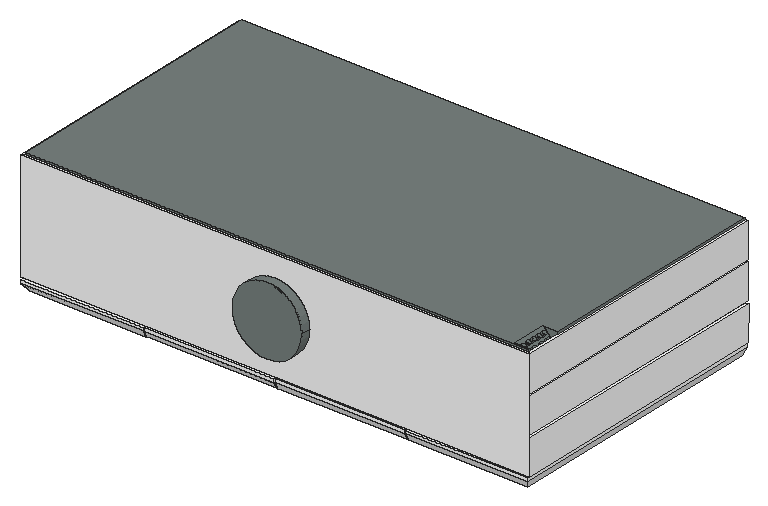
Revit family "AM 1000 HH DIB", category Mechanical Equipment, Revit 2019
Family settings
  Round Connector Dimension = Use Diameter
  Part Type = Normal
  OmniClass Number = 23.75.00.00
  OmniClass Title = Climate Control (HVAC)
  Work Plane-Based = No
  Always vertical = Yes
  Cut with Voids When Loaded = No
  Shared = No
  Room Calculation Point = No
Parameters
  Weight (Standard Unit) = 301.5  # constant formula
  Water heating surface in = "1/2\" (DN 15)"
  Water heating surface Return = "1/2\" (DN 15)"
  Water Heater Surface Return = 15 mm  # constant formula
  Water Heater Surface IN = 15 mm  # constant formula
  URL = "www.airmaster-as.com"
  Total Width = 2325 mm  # constant formula
  Total Hight = 560 mm  # constant formula
  Top Panel [instance] = yes
  T-C Duct Exhaust = 258 mm  # constant formula
  T-C Duct Supply = 258 mm  # constant formula
  Suply Air In = 315 mm  # constant formula
  R-C Duct Exhaust = 237 mm  # constant formula
  Phase 1 - Max Power Consumption = "4105 W"
  Phase 1 - Max Current = "19 A"
  Nominal current, electrical preheating surface = "10 A"
  Nominal current, electrical comfort heating surface = "6,5 A"
  Nominal current, air handling unit = "2,2 A"
  Network Conection = "AWG 24 CAT 5e STP"
  Model = "AM 1000 HHDIB"
  Middel Panel [instance] = yes
  Max. flow rate 35 dB(A) with ePM10 80% filters = 998.00 m³  # constant formula
  Max. flow rate 35 dB(A) with ePM10 55% filters = 1025.00 m³  # constant formula
  Max. flow rate 35 dB(A) with ePM10 50% filters = 1050.00 m³  # constant formula
  Max. flow rate 30 dB(A) with ePM10 80% filters = 903.00 m³  # constant formula
  Max. flow rate 30 dB(A) with ePM10 55% filters = 926.00 m³  # constant formula
  Max. flow rate 30 dB(A) with ePM10 50% filters = 950.00 m³  # constant formula
  Manufacturer = "Airmaster A/S"
  Maintenance [instance] = no
  L-C Duct ESupply = 317 mm  # constant formula
  Exhaust Air = 315 mm  # constant formula
  Total Depth = 1248 mm  # constant formula
  Electrical connection = "1  ~ 230V+N+PE / 3 ~ 230/400V+N+PE/ 50 Hz"
  Drawn By = "LSB"
  Data Sheet = "https://www.airmaster-as.com/media/dd4ftkqw/14174_ds_am1000_en_rev01.pdf"
  Condensate conector = "Ø6/9 mm"
  Condensate = 9 mm  # constant formula
  Buttom Panel [instance] = yes
  BMS Panel = "(PTS) 2x2x0,6"
  BMS Out = "(PTS) 2x2x0,6"
  BMS IN = "(PTS) 2x2x0,6"
  Airflow area [instance] = no
  Air flow area [instance] = Airflow
Reference planes
  plane 1 "Center (Front/Back)": y = 0
  plane 2: z = 0
  plane 3 "Center (Left/Right)": x = 0
  plane 4 "Center L/S": y = -1248
  plane 5 "Center L/T": x = -1162.5
  plane 6 "Center L/U": x = 1162.5
  plane 7 "TOP": z = 560
  plane 8 "Center L/V": x = -1147.5
  plane 9 "Center L/W": y = -1233
  plane 10 "Center L/X": x = 1147.5
  plane 11 "Panel Buttom": z = 44.5
  plane 12 "Panel Top": z = 212.5
  plane 13 "Hatch": z = 14.5
  plane 14 "Center L/Z": z = 222.5
  plane 15 "Center L/AA": z = 382.5
  plane 16 "Center L/BB": z = 392.5
  plane 17 "Center L/CC": z = 552.5
  plane 18 "Center L/DD": z = 52.35
  plane 19 "Center L/EE": z = 411.6
  plane 20: x = 1077.714
  plane 21: y = -1065.25
Forms (mm)
  Extrusion 1, solid, material "AM Grey"
    sketch origin (0, 0, 0) x (1, 0, 0) y (0, 1, 0)
      loop
        line (-1147.5, 0) -> (-1147.5, -1233) -> (1147.5, -1233) -> (1147.5, 0) -> (-1147.5, 0)
    from 44.5 to 560
  Blend 2, solid, material "AM White"
    base sketch origin (-790.646, -1524, 14.5) x (0, -1, 0) y (1, 0, 0)
      loop
        line (-276, -364.887) -> (-276, 1946.157) -> (-1524, 1946.157) -> (-1524, -364.887) -> (-276, -364.887)
    top sketch origin (-790.646, -1524, 14.5) x (0, -1, 0) y (1, 0, 0)
      loop
        line (-291, -337.182) -> (-291, 1935.146) -> (-1512, 1935.146) -> (-1512, -337.182) -> (-291, -337.182)
    from 14.086 to -14.5
  Extrusion 3, solid, material "AM Grey"
    sketch origin (-1147.5, 0, 0) x (1, 0, 0) y (0, 0, -1)
      loop
        circle (2073, -302) r 157.5
    from 0 to 9.75
  Extrusion 4, solid, material "AM Grey"
    sketch origin (-785, 0, 0) x (1, 0, 0) y (0, 0, -1)
      loop
        circle (-60.5, -302) r 157.5
    from 0 to 9.75
  Extrusion 5, solid, material "Maintenece", visible <- "Maintenance"
    sketch origin (-790.646, -1524, 0) x (1, 0, 0) y (0, -1, 0)
      loop
        line (-355.498, -1524) -> (1953.146, -1524) -> (1953.146, -276) -> (-355.498, -276) -> (-355.498, -1524)
    from 0 to 1200
  Extrusion 6, void
    sketch origin (1162.5, -1248, 44.5) x (1, 0, 0) y (0, 0, -1)
      loop
        line (-561, 44.65) -> (-570.2, 44.65)
        arc (-570.2, 44.65) -> (-568.786, 44.064) -> (-568.2, 42.65) r 2
        line (-568.2, 42.65) -> (-568.2, -7.85) -> (-563, -7.85) -> (-563, 42.65)
        arc (-563, 42.65) -> (-562.414, 44.064) -> (-561, 44.65) r 2
      loop
        line (-1157.2, 44.65) -> (-1166.4, 44.65)
        arc (-1166.4, 44.65) -> (-1164.986, 44.064) -> (-1164.4, 42.65) r 2
        line (-1164.4, 42.65) -> (-1164.4, -7.85) -> (-1159.2, -7.85) -> (-1159.2, 42.65)
        arc (-1159.2, 42.65) -> (-1158.614, 44.064) -> (-1157.2, 44.65) r 2
      loop
        line (-1754.3, 44.65) -> (-1763.5, 44.65)
        arc (-1763.5, 44.65) -> (-1762.086, 44.064) -> (-1761.5, 42.65) r 2
        line (-1761.5, 42.65) -> (-1761.5, -7.85) -> (-1756.3, -7.85) -> (-1756.3, 42.65)
        arc (-1756.3, 42.65) -> (-1755.714, 44.064) -> (-1754.3, 44.65) r 2
    from 0 to 1281
  Extrusion 7, solid, material "AM White"
    sketch origin (0, 0, 44.5) x (0, 1, 0) y (1, 0, 0)
      loop
        line (-1248, -1157) -> (0, -1157) -> (0, 1155.511) -> (-1248, 1155.511) -> (-1248, -1157)
    from 0 to 15.914
  Extrusion 8, solid, material "AM White", visible <- "Middel Panel"
    sketch origin (794.5, -1524, 214.5) x (0, -1, 0) y (-1, 0, 0)
      loop
        line (-1524, 1957) -> (-1524, 1942) -> (-293.318, 1942) -> (-278.318, 1957) -> (-1524, 1957)
      loop
        line (-1524, -368) -> (-278.318, -368) -> (-293.318, -353) -> (-1524, -353) -> (-1524, -368)
    from -7.85 to -168
  Extrusion 9, solid
    sketch origin (1147.5, -1256.441, -6.992) x (0, 1, 0) y (0, 0, 1)
      loop
        arc (1222.716, 528.556) -> (1233.368, 538.673) -> (1222.441, 548.492) r 10
        arc (1222.441, 548.492) -> (1213.37, 538.397) -> (1222.716, 528.556) r 10
    from 0 to 14
  Extrusion 10, solid
    sketch origin (1147.5, -1256.441, -6.992) x (0, 1, 0) y (0, 0, 1)
      loop
        arc (1200.869, 545.503) -> (1201.138, 537.541) -> (1202.323, 545.419) r 4
        arc (1202.323, 545.419) -> (1201.6, 545.528) -> (1200.869, 545.503) r 4
    from 0 to 14
  Extrusion 11, solid
    sketch origin (1147.5, -1256.441, -6.992) x (0, 1, 0) y (0, 0, 1)
      loop
        arc (1222.716, 498.556) -> (1233.368, 508.673) -> (1222.441, 518.492) r 10
        arc (1222.441, 518.492) -> (1213.37, 508.397) -> (1222.716, 498.556) r 10
    from 0 to 14
  Extrusion 12, solid
    sketch origin (1147.5, -1256.441, -6.992) x (0, 1, 0) y (0, 0, 1)
      loop
        arc (1200.869, 531.503) -> (1201.138, 523.541) -> (1202.323, 531.419) r 4
        arc (1202.323, 531.419) -> (1201.6, 531.528) -> (1200.869, 531.503) r 4
    from 0 to 14
  Extrusion 13, solid
    sketch origin (1147.5, -1256.441, -6.992) x (0, 1, 0) y (0, 0, 1)
      loop
        arc (1200.869, 517.503) -> (1201.138, 509.541) -> (1202.323, 517.419) r 4
        arc (1202.323, 517.419) -> (1201.6, 517.528) -> (1200.869, 517.503) r 4
    from 0 to 14
  Extrusion 14, solid
    sketch origin (1147.5, -1256.441, -6.992) x (0, 1, 0) y (0, 0, 1)
      loop
        arc (1200.869, 503.503) -> (1201.138, 495.541) -> (1202.323, 503.419) r 4
        arc (1202.323, 503.419) -> (1201.6, 503.528) -> (1200.869, 503.503) r 4
    from 0 to 14
  Extrusion 15, solid
    sketch origin (1147.5, -1256.441, -6.992) x (0, 1, 0) y (0, 0, 1)
      loop
        arc (1200.869, 489.503) -> (1201.138, 481.541) -> (1202.323, 489.419) r 4
        arc (1202.323, 489.419) -> (1201.6, 489.528) -> (1200.869, 489.503) r 4
    from 0 to 14
  Extrusion 16, solid
    sketch origin (1147.5, -1256.441, -6.992) x (0, 1, 0) y (0, 0, 1)
      loop
        arc (1200.869, 475.503) -> (1201.138, 467.541) -> (1202.323, 475.419) r 4
        arc (1202.323, 475.419) -> (1201.6, 475.528) -> (1200.869, 475.503) r 4
    from 0 to 14
  Extrusion 17, solid
    sketch origin (1147.5, -1256.441, -6.992) x (0, 1, 0) y (0, 0, 1)
      loop
        arc (1200.869, 461.503) -> (1201.138, 453.541) -> (1202.323, 461.419) r 4
        arc (1202.323, 461.419) -> (1201.6, 461.528) -> (1200.869, 461.503) r 4
    from 0 to 14
  Extrusion 18, solid
    sketch origin (1147.5, -1256.441, -6.992) x (0, 1, 0) y (0, 0, 1)
      loop
        arc (1200.869, 447.503) -> (1201.138, 439.541) -> (1202.323, 447.419) r 4
        arc (1202.323, 447.419) -> (1201.6, 447.528) -> (1200.869, 447.503) r 4
    from 0 to 14
  Extrusion 19, solid
    sketch origin (1147.5, -1256.441, -6.992) x (0, 1, 0) y (0, 0, 1)
      loop
        arc (1200.869, 433.503) -> (1201.138, 425.541) -> (1202.323, 433.419) r 4
        arc (1202.323, 433.419) -> (1201.6, 433.528) -> (1200.869, 433.503) r 4
    from 0 to 14
  Extrusion 20, solid
    sketch origin (1147.5, -1256.441, -6.992) x (0, 1, 0) y (0, 0, 1)
      loop
        arc (1200.869, 419.503) -> (1201.138, 411.541) -> (1202.323, 419.419) r 4
        arc (1202.323, 419.419) -> (1201.6, 419.528) -> (1200.869, 419.503) r 4
    from 0 to 14
  Extrusion 21, solid
    sketch origin (1147.5, -1256.441, -6.992) x (0, 1, 0) y (0, 0, 1)
      loop
        arc (1222.716, 468.556) -> (1233.368, 478.673) -> (1222.441, 488.492) r 10
        arc (1222.441, 488.492) -> (1213.37, 478.397) -> (1222.716, 468.556) r 10
    from 0 to 14
  Extrusion 22, solid
    sketch origin (1147.5, -1256.441, -6.992) x (0, 1, 0) y (0, 0, 1)
      loop
        arc (1222.716, 438.556) -> (1233.368, 448.673) -> (1222.441, 458.492) r 10
        arc (1222.441, 458.492) -> (1213.37, 448.397) -> (1222.716, 438.556) r 10
    from 0 to 14
  Extrusion 23, solid
    sketch origin (1147.5, -1256.441, -6.992) x (0, 1, 0) y (0, 0, 1)
      loop
        arc (1222.716, 408.556) -> (1233.368, 418.673) -> (1222.441, 428.492) r 10
        arc (1222.441, 428.492) -> (1213.37, 418.397) -> (1222.716, 408.556) r 10
    from 0 to 14
  Extrusion 24, void
    sketch origin (1147.5, -1233, 0) x (1, 0, 0) y (0, 0, -1)
      loop
        line (-69.786, -560) -> (0, -560) -> (0, -490.214) -> (-69.786, -560)
    from 5 to 167.75
  Extrusion 25, solid, material "AM Grey"
    sketch origin (1077.714, -1240.497, 560) x (0.707107, 0, -0.707107) y (0, 1, 0)
      loop
        circle (55.785, 29.963) r 10
    from 0 to 15
  Extrusion 26, solid, material "AM Grey"
    sketch origin (1077.714, -4445.497, 560) x (0.707107, 0, -0.707107) y (0, 1, 0)
      loop
        circle (25.193, 3235.104) r 8
    from 0 to 15
  Extrusion 27, solid, material "AM Grey"
    sketch origin (1077.714, -4415.497, 560) x (0.707107, 0, -0.707107) y (0, 1, 0)
      loop
        circle (25.193, 3235.104) r 8
    from 0 to 15
  Extrusion 28, solid, material "AM Grey"
    sketch origin (1077.714, -4385.497, 560) x (0.707107, 0, -0.707107) y (0, 1, 0)
      loop
        circle (25.193, 3235.104) r 8
    from 0 to 15
  Extrusion 29, solid, material "AM Grey"
    sketch origin (1077.714, -4355.497, 560) x (0.707107, 0, -0.707107) y (0, 1, 0)
      loop
        circle (25.193, 3235.104) r 8
    from 0 to 15
  Extrusion 30, solid, material "AM Grey"
    sketch origin (1077.714, -4325.497, 560) x (0.707107, 0, -0.707107) y (0, 1, 0)
      loop
        circle (25.193, 3235.104) r 8
    from 0 to 15
  Extrusion 31, solid, material "AM Grey"
    sketch origin (1077.714, -1201.186, 560) x (0.707107, 0, -0.707107) y (0, 1, 0)
      loop
        circle (55.785, 29.963) r 10
    from 0 to 15
  Extrusion 32, solid, material "AM Grey"
    sketch origin (1077.714, -1159.936, 560) x (0.707107, 0, -0.707107) y (0, 1, 0)
      loop
        circle (55.785, 29.963) r 10
    from 0 to 15
  Extrusion 33, solid, material "AM Grey"
    sketch origin (1077.714, -1120.561, 560) x (0.707107, 0, -0.707107) y (0, 1, 0)
      loop
        circle (55.785, 29.963) r 10
    from 0 to 15
  Extrusion 34, solid, material "AM Grey"
    sketch origin (-1147.5, -1233, 0) x (0, 1, 0) y (0, 0, -1)
      loop
        line (1232.629, -484.5) -> (1232.629, -460.5) -> (1225.161, -460.5) -> (1208.129, -460.5)
        arc (1208.129, -460.5) -> (1196.129, -472.5) -> (1208.129, -484.5) r 12
        line (1208.129, -484.5) -> (1224.336, -484.5) -> (1232.629, -484.5)
    from 0 to 14
  Extrusion 35, solid, material "AM Grey"
    sketch origin (-1147.5, -1233, -44.5) x (0, 1, 0) y (0, 0, -1)
      loop
        line (1232.629, -484.5) -> (1232.629, -460.5) -> (1225.161, -460.5) -> (1208.129, -460.5)
        arc (1208.129, -460.5) -> (1196.129, -472.5) -> (1208.129, -484.5) r 12
        line (1208.129, -484.5) -> (1224.336, -484.5) -> (1232.629, -484.5)
    from 0 to 14
  Extrusion 36, solid, material "AM White"
    sketch origin (794.5, -1524, 44.5) x (0, -1, 0) y (-1, 0, 0)
      loop
        line (-276, -365.7) -> (-276, 1954.706) -> (-291, 1939.706) -> (-291, -350.7) -> (-276, -365.7)
    from -7.85 to -508
  Extrusion 37, solid, material "AM White", visible <- "Top Panel"
    sketch origin (794.5, -1524, 384.5) x (0, -1, 0) y (-1, 0, 0)
      loop
        line (-1524, 1957) -> (-1524, 1942) -> (-293.318, 1942) -> (-278.318, 1957) -> (-1524, 1957)
      loop
        line (-1524, -368) -> (-278.318, -368) -> (-293.318, -353) -> (-1524, -353) -> (-1524, -368)
    from -7.85 to -168
  Extrusion 38, solid, material "AM White", visible <- "Buttom Panel"
    sketch origin (794.5, -1524, 44.5) x (0, -1, 0) y (-1, 0, 0)
      loop
        line (-1524, 1957) -> (-1524, 1942) -> (-293.318, 1942) -> (-278.318, 1957) -> (-1524, 1957)
      loop
        line (-1524, -368) -> (-278.318, -368) -> (-293.318, -353) -> (-1524, -353) -> (-1524, -368)
    from -7.85 to -168
  Extrusion 39, solid, material "AM Grey"
    sketch origin (1162.5, -1248, 214.5) x (-1, 0, 0) y (0, 0, -1)
      loop
        circle (1162, -87.5) r 157.5
    from 0 to 45
  Extrusion 40, solid, material "Airflow" <- "Air flow area", visible <- "Airflow area"
    sketch origin (-790.646, -1524, -340) x (1, 0, 0) y (0, -1, 0)
      loop
        line (-371.854, -1524) -> (-371.854, -276) -> (-871.854, -276) -> (-871.854, -1524) -> (-371.854, -1524)
    from -392.5 to -552.5
  Extrusion 41, void
    sketch origin (-1162.5, 0, -295.5) x (0, 1, 0) y (0, 0, 1)
      loop
        line (-411.4, 495.5) -> (-501.4, 495.5) -> (-501.4, 465.5) -> (-411.4, 465.5) -> (-411.4, 495.5)
      loop
        line (-411.4, 460.5) -> (-501.4, 460.5) -> (-501.4, 430.5) -> (-411.4, 430.5) -> (-411.4, 460.5)
      loop
        line (-411.4, 425.5) -> (-501.4, 425.5) -> (-501.4, 395.5) -> (-411.4, 395.5) -> (-411.4, 425.5)
      loop
        line (-411.4, 390.5) -> (-501.4, 390.5) -> (-501.4, 360.5) -> (-411.4, 360.5) -> (-411.4, 390.5)
      loop
        line (-506.4, 495.5) -> (-596.4, 495.5) -> (-596.4, 465.5) -> (-506.4, 465.5) -> (-506.4, 495.5)
      loop
        line (-506.4, 460.5) -> (-596.4, 460.5) -> (-596.4, 430.5) -> (-506.4, 430.5) -> (-506.4, 460.5)
      loop
        line (-506.4, 425.5) -> (-596.4, 425.5) -> (-596.4, 395.5) -> (-506.4, 395.5) -> (-506.4, 425.5)
      loop
        line (-506.4, 390.5) -> (-596.4, 390.5) -> (-596.4, 360.5) -> (-506.4, 360.5) -> (-506.4, 390.5)
      loop
        line (-601.4, 495.5) -> (-691.4, 495.5) -> (-691.4, 465.5) -> (-601.4, 465.5) -> (-601.4, 495.5)
      loop
        line (-601.4, 460.5) -> (-691.4, 460.5) -> (-691.4, 430.5) -> (-601.4, 430.5) -> (-601.4, 460.5)
      loop
        line (-601.4, 425.5) -> (-691.4, 425.5) -> (-691.4, 395.5) -> (-601.4, 395.5) -> (-601.4, 425.5)
      loop
        line (-601.4, 390.5) -> (-691.4, 390.5) -> (-691.4, 360.5) -> (-601.4, 360.5) -> (-601.4, 390.5)
      loop
        line (-696.4, 495.5) -> (-786.4, 495.5) -> (-786.4, 465.5) -> (-696.4, 465.5) -> (-696.4, 495.5)
      loop
        line (-696.4, 460.5) -> (-786.4, 460.5) -> (-786.4, 430.5) -> (-696.4, 430.5) -> (-696.4, 460.5)
      loop
        line (-696.4, 425.5) -> (-786.4, 425.5) -> (-786.4, 395.5) -> (-696.4, 395.5) -> (-696.4, 425.5)
      loop
        line (-696.4, 390.5) -> (-786.4, 390.5) -> (-786.4, 360.5) -> (-696.4, 360.5) -> (-696.4, 390.5)
      loop
        line (-791.4, 495.5) -> (-881.4, 495.5) -> (-881.4, 465.5) -> (-791.4, 465.5) -> (-791.4, 495.5)
      loop
        line (-791.4, 460.5) -> (-881.4, 460.5) -> (-881.4, 430.5) -> (-791.4, 430.5) -> (-791.4, 460.5)
      loop
        line (-791.4, 425.5) -> (-881.4, 425.5) -> (-881.4, 395.5) -> (-791.4, 395.5) -> (-791.4, 425.5)
      loop
        line (-791.4, 390.5) -> (-881.4, 390.5) -> (-881.4, 360.5) -> (-791.4, 360.5) -> (-791.4, 390.5)
      loop
        line (-886.4, 495.5) -> (-976.4, 495.5) -> (-976.4, 465.5) -> (-886.4, 465.5) -> (-886.4, 495.5)
      loop
        line (-886.4, 460.5) -> (-976.4, 460.5) -> (-976.4, 430.5) -> (-886.4, 430.5) -> (-886.4, 460.5)
      loop
        line (-886.4, 425.5) -> (-976.4, 425.5) -> (-976.4, 395.5) -> (-886.4, 395.5) -> (-886.4, 425.5)
      loop
        line (-886.4, 390.5) -> (-976.4, 390.5) -> (-976.4, 360.5) -> (-886.4, 360.5) -> (-886.4, 390.5)
      loop
        line (-981.4, 495.5) -> (-1071.4, 495.5) -> (-1071.4, 465.5) -> (-981.4, 465.5) -> (-981.4, 495.5)
      loop
        line (-981.4, 460.5) -> (-1071.4, 460.5) -> (-1071.4, 430.5) -> (-981.4, 430.5) -> (-981.4, 460.5)
      loop
        line (-981.4, 425.5) -> (-1071.4, 425.5) -> (-1071.4, 395.5) -> (-981.4, 395.5) -> (-981.4, 425.5)
      loop
        line (-981.4, 390.5) -> (-1071.4, 390.5) -> (-1071.4, 360.5) -> (-981.4, 360.5) -> (-981.4, 390.5)
    from 0 to 15
Cuts and joins
  Extrusion 6 cuts Blend 2
  Extrusion 6 cuts Extrusion 7
  Extrusion 24, Extrusion 41 cuts Extrusion 1
  Extrusion 41 cuts Extrusion 37
  Extrusion 41 cuts Extrusion 40
  Extrusion 41 cuts Extrusion 38
Dimensions and locks
  "Total Depth": plane 4 "Center L/S" to plane 1 "Center (Front/Back)"
  equal spacing: plane 5 "Center L/T", plane 3 "Center (Left/Right)", plane 6 "Center L/U"
  "Total Width": plane 5 "Center L/T" to plane 6 "Center L/U"
  "Total Hight": plane 7 "TOP" to level
  locked: plane 10 "Center L/X" to plane 6 "Center L/U" at 15
  locked: plane 4 "Center L/S" to plane 9 "Center L/W" at 15
  locked: plane 5 "Center L/T" to plane 8 "Center L/V" at 15
  "R-C Duct Exhaust": plane 6 "Center L/U" to Extrusion 3 sketch curve
  "T-C Duct Supply": Extrusion 4 sketch curve to plane 7 "TOP"
  "L-C Duct ESupply": Extrusion 4 sketch curve to plane 5 "Center L/T"
  nested 2 to plane 1 "Center (Front/Back)" = 624 mm
  plane 6 "Center L/U" to Extrusion 39 sketch curve = 1162 mm
  plane 7 "TOP" to Extrusion 39 sketch curve = 258 mm
  "Exhaust Air": diameter of Extrusion 3 sketch curve
  "Suply Air In": diameter of Extrusion 4 sketch curve
  "Suply Air In": diameter of Extrusion 39 sketch curve
  aligned and locked: level to plane 2
  aligned and locked: plane 1 "Center (Front/Back)" to Extrusion 1 sketch curve
  aligned and locked: Extrusion 1 sketch curve to plane 8 "Center L/V"
  aligned and locked: Extrusion 1 sketch curve to plane 9 "Center L/W"
  aligned and locked: Extrusion 1 sketch curve to plane 10 "Center L/X"
  aligned and locked: plane 7 "TOP" to Extrusion 1
  aligned and locked: Blend 2 to plane 2
  aligned and locked: Extrusion 1 to plane 11 "Panel Buttom"
  aligned and locked: Extrusion 3 to Extrusion 4
Automatic sketch dimensions
  plane 1 "Center (Front/Back)" to Blend 2 sketch curve = 0 mm
  plane 4 "Center L/S" to Blend 2 sketch curve = 0 mm
  plane 5 "Center L/T" to Blend 2 sketch curve = 6.967 mm
  Blend 2 sketch curve to plane 6 "Center L/U" = 6.989 mm
  Blend 2 sketch curve to plane 9 "Center L/W" = 0 mm
  Blend 2 sketch curve to plane 10 "Center L/X" = 3 mm
  plane 1 "Center (Front/Back)" to Blend 2 sketch curve = 12 mm
  plane 8 "Center L/V" to Blend 2 sketch curve = 19.672 mm
  Extrusion 1 to Extrusion 3 sketch curve = 257.5 mm
  Extrusion 5 sketch curve to Blend 2 = 18.316 mm
  Extrusion 5 sketch curve to Blend 2 = 18 mm
  Extrusion 5 sketch curve to Blend 2 = 15 mm
  Extrusion 5 sketch curve to Blend 2 = 12 mm
  Extrusion 6 sketch curve to plane 18 "Center L/DD" = 0 mm  (x3)
  level to Extrusion 6 sketch curve = 1.85 mm  (x6)
  plane 8 "Center L/V" to Extrusion 6 sketch curve = 546.5 mm
  Extrusion 6 sketch curve to Extrusion 6 sketch curve = 2 mm  (x5)
  Extrusion 6 sketch curve to Extrusion 6 sketch curve = 5.2 mm  (x2)
  Extrusion 6 sketch curve to plane 3 "Center (Left/Right)" = 3.9 mm
  Extrusion 6 sketch curve to plane 3 "Center (Left/Right)" = 1.9 mm
  plane 3 "Center (Left/Right)" to Extrusion 6 sketch curve = 3.3 mm
  Extrusion 6 sketch curve to plane 20 = 485.414 mm
  Extrusion 6 sketch curve to Extrusion 6 sketch curve = 0 mm  (x9)
  Extrusion 1 to Extrusion 7 sketch curve = 0 mm
  Extrusion 7 sketch curve to Extrusion 1 = 15 mm
  Extrusion 7 sketch curve to Extrusion 1 = 8.011 mm
  Extrusion 7 sketch curve to Extrusion 1 = 9.5 mm
  plane 1 "Center (Front/Back)" to Extrusion 8 sketch curve = 0 mm  (x2)
  Extrusion 8 sketch curve to plane 10 "Center L/X" = 0 mm
  Extrusion 8 sketch curve to plane 8 "Center L/V" = 0 mm
  Extrusion 8 sketch curve to plane 5 "Center L/T" = 0 mm
  Extrusion 8 sketch curve to plane 6 "Center L/U" = 0 mm
  Extrusion 8 sketch curve to plane 9 "Center L/W" = 2.318 mm  (x2)
  Extrusion 8 sketch curve to plane 4 "Center L/S" = 2.318 mm  (x2)
  Extrusion 9 sketch curve to Extrusion 9 sketch curve = 0 mm  (x2)
  Extrusion 1 to Extrusion 9 sketch curve = 33.072 mm
  Extrusion 1 to Extrusion 9 sketch curve = 28.457 mm
  Extrusion 9 sketch curve to Extrusion 9 sketch curve = 0.653 mm
  Extrusion 9 sketch curve to Extrusion 9 sketch curve = 0.928 mm
  Extrusion 9 sketch curve to Extrusion 9 sketch curve = 9.979 mm
  Extrusion 10 sketch curve to Extrusion 10 sketch curve = 0 mm  (x2)
  Extrusion 1 to Extrusion 10 sketch curve = 25.457 mm
  Extrusion 1 to Extrusion 10 sketch curve = 55.072 mm
  Extrusion 10 sketch curve to Extrusion 10 sketch curve = 0.5 mm
  Extrusion 10 sketch curve to Extrusion 10 sketch curve = 1.454 mm
  Extrusion 10 sketch curve to Extrusion 10 sketch curve = 3.884 mm
  Extrusion 11 sketch curve to Extrusion 11 sketch curve = 0 mm  (x2)
  Extrusion 1 to Extrusion 11 sketch curve = 33.072 mm
  Extrusion 1 to Extrusion 11 sketch curve = 58.457 mm
  Extrusion 11 sketch curve to Extrusion 11 sketch curve = 0.653 mm
  Extrusion 11 sketch curve to Extrusion 11 sketch curve = 0.928 mm
  Extrusion 11 sketch curve to Extrusion 11 sketch curve = 9.979 mm
  Extrusion 12 sketch curve to Extrusion 12 sketch curve = 0 mm  (x2)
  Extrusion 1 to Extrusion 12 sketch curve = 55.072 mm
  Extrusion 1 to Extrusion 12 sketch curve = 39.457 mm
  Extrusion 12 sketch curve to Extrusion 12 sketch curve = 0.5 mm
  Extrusion 12 sketch curve to Extrusion 12 sketch curve = 1.454 mm
  Extrusion 12 sketch curve to Extrusion 12 sketch curve = 3.884 mm
  Extrusion 13 sketch curve to Extrusion 13 sketch curve = 0 mm  (x2)
  Extrusion 1 to Extrusion 13 sketch curve = 55.072 mm
  Extrusion 1 to Extrusion 13 sketch curve = 53.457 mm
  Extrusion 13 sketch curve to Extrusion 13 sketch curve = 0.5 mm
  Extrusion 13 sketch curve to Extrusion 13 sketch curve = 1.454 mm
  Extrusion 13 sketch curve to Extrusion 13 sketch curve = 3.884 mm
  Extrusion 14 sketch curve to Extrusion 14 sketch curve = 0 mm  (x2)
  Extrusion 1 to Extrusion 14 sketch curve = 55.072 mm
  Extrusion 1 to Extrusion 14 sketch curve = 67.457 mm
  Extrusion 14 sketch curve to Extrusion 14 sketch curve = 0.5 mm
  Extrusion 14 sketch curve to Extrusion 14 sketch curve = 1.454 mm
  Extrusion 14 sketch curve to Extrusion 14 sketch curve = 3.884 mm
  Extrusion 15 sketch curve to Extrusion 15 sketch curve = 0 mm  (x2)
  Extrusion 1 to Extrusion 15 sketch curve = 55.072 mm
  Extrusion 1 to Extrusion 15 sketch curve = 81.457 mm
  Extrusion 15 sketch curve to Extrusion 15 sketch curve = 0.5 mm
  Extrusion 15 sketch curve to Extrusion 15 sketch curve = 1.454 mm
  Extrusion 15 sketch curve to Extrusion 15 sketch curve = 3.884 mm
  Extrusion 16 sketch curve to Extrusion 16 sketch curve = 0 mm  (x2)
  Extrusion 1 to Extrusion 16 sketch curve = 55.072 mm
  Extrusion 1 to Extrusion 16 sketch curve = 95.457 mm
  Extrusion 16 sketch curve to Extrusion 16 sketch curve = 0.5 mm
  Extrusion 16 sketch curve to Extrusion 16 sketch curve = 1.454 mm
  Extrusion 16 sketch curve to Extrusion 16 sketch curve = 3.884 mm
  Extrusion 17 sketch curve to Extrusion 17 sketch curve = 0 mm  (x2)
  Extrusion 1 to Extrusion 17 sketch curve = 55.072 mm
  Extrusion 1 to Extrusion 17 sketch curve = 109.457 mm
  Extrusion 17 sketch curve to Extrusion 17 sketch curve = 0.5 mm
  Extrusion 17 sketch curve to Extrusion 17 sketch curve = 1.454 mm
  Extrusion 17 sketch curve to Extrusion 17 sketch curve = 3.884 mm
  Extrusion 18 sketch curve to Extrusion 18 sketch curve = 0 mm  (x2)
  Extrusion 1 to Extrusion 18 sketch curve = 55.072 mm
  Extrusion 1 to Extrusion 18 sketch curve = 123.457 mm
  Extrusion 18 sketch curve to Extrusion 18 sketch curve = 0.5 mm
  Extrusion 18 sketch curve to Extrusion 18 sketch curve = 1.454 mm
  Extrusion 18 sketch curve to Extrusion 18 sketch curve = 3.884 mm
  Extrusion 19 sketch curve to Extrusion 19 sketch curve = 0 mm  (x2)
  Extrusion 1 to Extrusion 19 sketch curve = 55.072 mm
  Extrusion 1 to Extrusion 19 sketch curve = 137.457 mm
  Extrusion 19 sketch curve to Extrusion 19 sketch curve = 0.5 mm
  Extrusion 19 sketch curve to Extrusion 19 sketch curve = 1.454 mm
  Extrusion 19 sketch curve to Extrusion 19 sketch curve = 3.884 mm
  Extrusion 20 sketch curve to Extrusion 20 sketch curve = 0 mm  (x2)
  Extrusion 1 to Extrusion 20 sketch curve = 55.072 mm
  Extrusion 1 to Extrusion 20 sketch curve = 151.457 mm
  Extrusion 20 sketch curve to Extrusion 20 sketch curve = 0.5 mm
  Extrusion 20 sketch curve to Extrusion 20 sketch curve = 1.454 mm
  Extrusion 20 sketch curve to Extrusion 20 sketch curve = 3.884 mm
  Extrusion 21 sketch curve to Extrusion 21 sketch curve = 0 mm  (x2)
  Extrusion 1 to Extrusion 21 sketch curve = 33.072 mm
  Extrusion 1 to Extrusion 21 sketch curve = 88.457 mm
  Extrusion 21 sketch curve to Extrusion 21 sketch curve = 0.653 mm
  Extrusion 21 sketch curve to Extrusion 21 sketch curve = 0.928 mm
  Extrusion 21 sketch curve to Extrusion 21 sketch curve = 9.979 mm
  Extrusion 22 sketch curve to Extrusion 22 sketch curve = 0 mm  (x2)
  Extrusion 1 to Extrusion 22 sketch curve = 33.072 mm
  Extrusion 1 to Extrusion 22 sketch curve = 118.457 mm
  Extrusion 22 sketch curve to Extrusion 22 sketch curve = 0.653 mm
  Extrusion 22 sketch curve to Extrusion 22 sketch curve = 0.928 mm
  Extrusion 22 sketch curve to Extrusion 22 sketch curve = 9.979 mm
  Extrusion 23 sketch curve to Extrusion 23 sketch curve = 0 mm  (x2)
  Extrusion 1 to Extrusion 23 sketch curve = 33.072 mm
  Extrusion 1 to Extrusion 23 sketch curve = 148.457 mm
  Extrusion 23 sketch curve to Extrusion 23 sketch curve = 0.653 mm
  Extrusion 23 sketch curve to Extrusion 23 sketch curve = 0.928 mm
  Extrusion 23 sketch curve to Extrusion 23 sketch curve = 9.979 mm
  Extrusion 24 sketch curve to Extrusion 1 = 0 mm
  Extrusion 1 to Extrusion 24 sketch curve = 0 mm
  Extrusion 24 sketch curve to Extrusion 24 sketch curve = 69.786 mm  (x2)
  Extrusion 24 to Extrusion 25 sketch curve = 17.466 mm
  Extrusion 25 sketch curve to Extrusion 24 = 42.906 mm
  Extrusion 26 sketch curve to Extrusion 24 = 25.193 mm
  Extrusion 24 to Extrusion 26 sketch curve = 17.608 mm
  Extrusion 27 sketch curve to Extrusion 24 = 25.193 mm
  Extrusion 24 to Extrusion 27 sketch curve = 47.608 mm
  Extrusion 28 sketch curve to Extrusion 24 = 25.193 mm
  Extrusion 24 to Extrusion 28 sketch curve = 77.608 mm
  Extrusion 29 sketch curve to Extrusion 24 = 25.193 mm
  Extrusion 24 to Extrusion 29 sketch curve = 55.142 mm
  Extrusion 30 sketch curve to Extrusion 24 = 25.193 mm
  Extrusion 24 to Extrusion 30 sketch curve = 25.142 mm
  Extrusion 31 sketch curve to Extrusion 24 = 42.906 mm
  Extrusion 24 to Extrusion 31 sketch curve = 56.777 mm
  Extrusion 32 sketch curve to Extrusion 24 = 42.906 mm
  Extrusion 24 to Extrusion 32 sketch curve = 64.723 mm
  Extrusion 33 sketch curve to Extrusion 24 = 42.906 mm
  Extrusion 24 to Extrusion 33 sketch curve = 25.348 mm
  Extrusion 1 to Extrusion 34 sketch curve = 24.871 mm
  Extrusion 1 to Extrusion 34 sketch curve = 8.664 mm
  Extrusion 1 to Extrusion 34 sketch curve = 7.839 mm
  Extrusion 1 to Extrusion 34 sketch curve = 0.371 mm
  Extrusion 1 to Extrusion 34 sketch curve = 75.5 mm
  Extrusion 34 sketch curve to Extrusion 34 sketch curve = 12 mm
  Extrusion 1 to Extrusion 35 sketch curve = 24.871 mm
  Extrusion 1 to Extrusion 35 sketch curve = 8.664 mm
  Extrusion 1 to Extrusion 35 sketch curve = 7.839 mm
  Extrusion 1 to Extrusion 35 sketch curve = 0.371 mm
  Extrusion 1 to Extrusion 35 sketch curve = 120 mm
  Extrusion 35 sketch curve to Extrusion 35 sketch curve = 12 mm
  Extrusion 36 sketch curve to plane 9 "Center L/W" = 0 mm
  plane 4 "Center L/S" to Extrusion 36 sketch curve = 0 mm
  plane 5 "Center L/T" to Extrusion 36 sketch curve = 2.294 mm
  plane 8 "Center L/V" to Extrusion 36 sketch curve = 2.294 mm
  Extrusion 36 sketch curve to plane 10 "Center L/X" = 2.3 mm
  Extrusion 36 sketch curve to plane 6 "Center L/U" = 2.3 mm
  plane 1 "Center (Front/Back)" to Extrusion 37 sketch curve = 0 mm  (x2)
  Extrusion 37 sketch curve to plane 10 "Center L/X" = 0 mm
  Extrusion 37 sketch curve to plane 8 "Center L/V" = 0 mm
  Extrusion 37 sketch curve to plane 5 "Center L/T" = 0 mm
  Extrusion 37 sketch curve to plane 6 "Center L/U" = 0 mm
  Extrusion 37 sketch curve to plane 9 "Center L/W" = 2.318 mm  (x2)
  Extrusion 37 sketch curve to plane 4 "Center L/S" = 2.318 mm  (x2)
  plane 1 "Center (Front/Back)" to Extrusion 38 sketch curve = 0 mm  (x2)
  Extrusion 38 sketch curve to plane 10 "Center L/X" = 0 mm
  Extrusion 38 sketch curve to plane 8 "Center L/V" = 0 mm
  Extrusion 38 sketch curve to plane 5 "Center L/T" = 0 mm
  Extrusion 38 sketch curve to plane 6 "Center L/U" = 0 mm
  Extrusion 38 sketch curve to plane 9 "Center L/W" = 2.318 mm  (x2)
  Extrusion 38 sketch curve to plane 4 "Center L/S" = 2.318 mm  (x2)
  Extrusion 40 sketch curve to plane 1 "Center (Front/Back)" = 0 mm
  Extrusion 40 sketch curve to plane 4 "Center L/S" = 0 mm
  Extrusion 40 sketch curve to plane 5 "Center L/T" = 0 mm
  Extrusion 40 sketch curve to Extrusion 40 sketch curve = 500 mm
  Extrusion 41 sketch curve to plane 21 = 6.15 mm  (x2)
  Extrusion 41 sketch curve to Extrusion 41 sketch curve = 0 mm  (x50)
  plane 21 to Extrusion 41 sketch curve = 83.85 mm
  Extrusion 41 sketch curve to Extrusion 41 sketch curve = 5 mm  (x35)
  Extrusion 41 sketch curve to Extrusion 41 sketch curve = 90 mm  (x6)
  Extrusion 41 sketch curve to plane 18 "Center L/DD" = 12.65 mm  (x3)
  Extrusion 41 sketch curve to Extrusion 41 sketch curve = 30 mm  (x11)
  plane 12 "Panel Top" to Extrusion 41 sketch curve = 12.5 mm  (x4)
  radius of Extrusion 25 sketch curve = 10 mm
  radius of Extrusion 26 sketch curve = 8 mm
  radius of Extrusion 27 sketch curve = 8 mm
  radius of Extrusion 28 sketch curve = 8 mm
  radius of Extrusion 29 sketch curve = 8 mm
  radius of Extrusion 30 sketch curve = 8 mm
  radius of Extrusion 31 sketch curve = 10 mm
  radius of Extrusion 32 sketch curve = 10 mm
  radius of Extrusion 33 sketch curve = 10 mm
Nested families
  nested 1: "Model Label 2019" at (0, -602.425, 0), Label <- "Model", type "Model Label 2019"
    with Label "AM 1000 HHDIB"
  nested 2: "Pil Indtag" at (-1662.5, -624, 0), type "Pil Indtag"
    with dX_ 609 mm, dX 609 mm, ang2D 0.00°
Connectors
  electrical at (1161.5, -54.845, 538.47), driven by "Electrical connection"
    settings: on Extrusion 10, index 11, voltage 400 V, apparent load 0 VA, apparent load phase1 0 VA, apparent load phase2 0 VA, apparent load phase3 0 VA, power factor 0.58, load classification "HVAC", number of poles 3, system type 31, power factor state 1, is connector primary yes, connector utility no, sub classification motor no, connector description "1  ~ 230V+N+PE / 3 ~ 230/400V+N+PE/ 50 Hz"
  electrical at (1161.5, -54.845, 524.47), driven by "BMS IN"
    settings: on Extrusion 12, index 12, voltage 0 V, apparent load 0 VA, apparent load phase1 0 VA, apparent load phase2 0 VA, apparent load phase3 0 VA, power factor 1, load classification "Other", number of poles 1, system type 5, power factor state 1, is connector primary no, connector utility no, sub classification motor no, connector description "(PTS) 2x2x0,6"
  electrical at (1161.5, -54.845, 510.47), driven by "BMS Out"
    settings: on Extrusion 13, index 13, voltage 0 V, apparent load 0 VA, apparent load phase1 0 VA, apparent load phase2 0 VA, apparent load phase3 0 VA, power factor 1, load classification "Other", number of poles 1, system type 5, power factor state 1, is connector primary no, connector utility no, sub classification motor no, connector description "(PTS) 2x2x0,6"
  electrical at (1161.5, -54.845, 496.47), driven by "BMS Panel"
    settings: on Extrusion 14, index 14, voltage 0 V, apparent load 0 VA, apparent load phase1 0 VA, apparent load phase2 0 VA, apparent load phase3 0 VA, power factor 1, load classification "Other", number of poles 1, system type 5, power factor state 1, is connector primary no, connector utility no, sub classification motor no, connector description "(PTS) 2x2x0,6"
  electrical at (1161.5, -54.845, 482.47), driven by "Network Conection"
    settings: on Extrusion 15, index 15, voltage 0 V, apparent load 0 VA, apparent load phase1 0 VA, apparent load phase2 0 VA, apparent load phase3 0 VA, power factor 1, load classification "Other", number of poles 1, system type 5, power factor state 1, is connector primary no, connector utility no, sub classification motor no, connector description "AWG 24 CAT 5e STP"
  electrical at (1161.5, -54.845, 468.47), driven by "BMS IN"
    settings: on Extrusion 16, index 16, voltage 0 V, apparent load 0 VA, apparent load phase1 0 VA, apparent load phase2 0 VA, apparent load phase3 0 VA, power factor 1, load classification "Other", number of poles 1, system type 5, power factor state 1, is connector primary no, connector utility no, sub classification motor no, connector description "(PTS) 2x2x0,6"
  electrical at (1161.5, -54.845, 454.47), driven by "BMS IN"
    settings: on Extrusion 17, index 17, voltage 0 V, apparent load 0 VA, apparent load phase1 0 VA, apparent load phase2 0 VA, apparent load phase3 0 VA, power factor 1, load classification "Other", number of poles 1, system type 5, power factor state 1, is connector primary no, connector utility no, sub classification motor no, connector description "(PTS) 2x2x0,6"
  electrical at (1161.5, -54.845, 440.47), driven by "BMS IN"
    settings: on Extrusion 18, index 18, voltage 0 V, apparent load 0 VA, apparent load phase1 0 VA, apparent load phase2 0 VA, apparent load phase3 0 VA, power factor 1, load classification "Other", number of poles 1, system type 5, power factor state 1, is connector primary no, connector utility no, sub classification motor no, connector description "(PTS) 2x2x0,6"
  electrical at (1161.5, -54.845, 426.47), driven by "BMS IN"
    settings: on Extrusion 19, index 19, voltage 0 V, apparent load 0 VA, apparent load phase1 0 VA, apparent load phase2 0 VA, apparent load phase3 0 VA, power factor 1, load classification "Other", number of poles 1, system type 5, power factor state 1, is connector primary no, connector utility no, sub classification motor no, connector description "(PTS) 2x2x0,6"
  electrical at (1161.5, -54.845, 412.47), driven by "BMS IN"
    settings: on Extrusion 20, index 20, voltage 0 V, apparent load 0 VA, apparent load phase1 0 VA, apparent load phase2 0 VA, apparent load phase3 0 VA, power factor 1, load classification "Other", number of poles 1, system type 5, power factor state 1, is connector primary no, connector utility no, sub classification motor no, connector description "(PTS) 2x2x0,6"
  piping at (1161.5, -33.862, 531.532), diameter 9, driven by "Condensate", driven by "Condensate conector"
    settings: on Extrusion 9, index 21, connector inside diameter 609.6 mm, connector length 0 mm, flow factor 0, pipe flow 0.0 L/s, pressure drop 0.0 Pa, fitting loss kfactor 0, connector angle 0.00°, fixture units 0, engagement length 0 mm, angle of deflection 0.00°, flow configuration 0, flow direction 0, fitting loss method 0, system type 19, joint type 0, gender type 0, connector reference index -1, connector utility 0, adjustable connector no, is connector primary yes, connector description "Ø6/9 mm"
  piping at (1161.5, -33.862, 501.532), diameter 9, driven by "Condensate", driven by "Condensate conector"
    settings: on Extrusion 11, index 22, connector inside diameter 609.6 mm, connector length 0 mm, flow factor 0, pipe flow 0.0 L/s, pressure drop 0.0 Pa, fitting loss kfactor 0, connector angle 0.00°, fixture units 0, engagement length 0 mm, angle of deflection 0.00°, flow configuration 0, flow direction 0, fitting loss method 0, system type 19, joint type 0, gender type 0, connector reference index -1, connector utility 0, adjustable connector no, is connector primary no, connector description "Ø6/9 mm"
  piping at (1161.5, -33.862, 471.532), diameter 9, driven by "Condensate", driven by "Condensate conector"
    settings: on Extrusion 21, index 23, connector inside diameter 609.6 mm, connector length 0 mm, flow factor 0, pipe flow 0.0 L/s, pressure drop 0.0 Pa, fitting loss kfactor 0, connector angle 0.00°, fixture units 0, engagement length 0 mm, angle of deflection 0.00°, flow configuration 0, flow direction 0, fitting loss method 0, system type 19, joint type 0, gender type 0, connector reference index -1, connector utility 0, adjustable connector no, is connector primary no, connector description "Ø6/9 mm"
  piping at (1161.5, -33.862, 441.532), diameter 9, driven by "Condensate", driven by "Condensate conector"
    settings: on Extrusion 22, index 24, connector inside diameter 609.6 mm, connector length 0 mm, flow factor 0, pipe flow 0.0 L/s, pressure drop 0.0 Pa, fitting loss kfactor 0, connector angle 0.00°, fixture units 0, engagement length 0 mm, angle of deflection 0.00°, flow configuration 0, flow direction 0, fitting loss method 0, system type 19, joint type 0, gender type 0, connector reference index -1, connector utility 0, adjustable connector no, is connector primary no, connector description "Ø6/9 mm"
  piping at (1161.5, -33.862, 411.532), diameter 9, driven by "Condensate", driven by "Condensate conector"
    settings: on Extrusion 23, index 25, connector inside diameter 609.6 mm, connector length 0 mm, flow factor 0, pipe flow 0.0 L/s, pressure drop 0.0 Pa, fitting loss kfactor 0, connector angle 0.00°, fixture units 0, engagement length 0 mm, angle of deflection 0.00°, flow configuration 0, flow direction 0, fitting loss method 0, system type 19, joint type 0, gender type 0, connector reference index -1, connector utility 0, adjustable connector no, is connector primary no, connector description "Ø6/9 mm"
  electrical at (1106.135, -1090.392, 552.792), driven by "Electrical connection"
    settings: on Extrusion 30, index 26, voltage 0 V, apparent load 0 VA, apparent load phase1 0 VA, apparent load phase2 0 VA, apparent load phase3 0 VA, power factor 1, load classification "Other", number of poles 1, system type 31, power factor state 1, is connector primary no, connector utility no, sub classification motor no, connector description "1  ~ 230V+N+PE / 3 ~ 230/400V+N+PE/ 50 Hz"
  electrical at (1106.135, -1120.392, 552.792), driven by "BMS IN"
    settings: on Extrusion 29, index 27, voltage 0 V, apparent load 0 VA, apparent load phase1 0 VA, apparent load phase2 0 VA, apparent load phase3 0 VA, power factor 1, load classification "Other", number of poles 1, system type 31, power factor state 1, is connector primary no, connector utility no, sub classification motor no, connector description "(PTS) 2x2x0,6"
  electrical at (1106.135, -1150.392, 552.792), driven by "BMS Out"
    settings: on Extrusion 28, index 28, voltage 0 V, apparent load 0 VA, apparent load phase1 0 VA, apparent load phase2 0 VA, apparent load phase3 0 VA, power factor 1, load classification "Other", number of poles 1, system type 31, power factor state 1, is connector primary no, connector utility no, sub classification motor no, connector description "(PTS) 2x2x0,6"
  electrical at (1106.135, -1180.392, 552.792), driven by "BMS Panel"
    settings: on Extrusion 27, index 29, voltage 0 V, apparent load 0 VA, apparent load phase1 0 VA, apparent load phase2 0 VA, apparent load phase3 0 VA, power factor 1, load classification "Other", number of poles 1, system type 31, power factor state 1, is connector primary no, connector utility no, sub classification motor no, connector description "(PTS) 2x2x0,6"
  electrical at (1106.135, -1210.392, 552.792), driven by "Network Conection"
    settings: on Extrusion 26, index 30, voltage 0 V, apparent load 0 VA, apparent load phase1 0 VA, apparent load phase2 0 VA, apparent load phase3 0 VA, power factor 1, load classification "Other", number of poles 1, system type 31, power factor state 1, is connector primary no, connector utility no, sub classification motor no, connector description "AWG 24 CAT 5e STP"
  piping at (1127.767, -1090.598, 531.16), diameter 9, driven by "Condensate", driven by "Condensate conector"
    settings: on Extrusion 33, index 31, connector inside diameter 609.6 mm, connector length 0 mm, flow factor 0, pipe flow 0.0 L/s, pressure drop 0.0 Pa, fitting loss kfactor 0, connector angle 0.00°, fixture units 0, engagement length 0 mm, angle of deflection 0.00°, flow configuration 0, flow direction 0, fitting loss method 0, system type 19, joint type 0, gender type 0, connector reference index -1, connector utility 0, adjustable connector no, is connector primary no, connector description "Ø6/9 mm"
  piping at (1127.767, -1129.973, 531.16), diameter 9, driven by "Condensate", driven by "Condensate conector"
    settings: on Extrusion 32, index 32, connector inside diameter 609.6 mm, connector length 0 mm, flow factor 0, pipe flow 0.0 L/s, pressure drop 0.0 Pa, fitting loss kfactor 0, connector angle 0.00°, fixture units 0, engagement length 0 mm, angle of deflection 0.00°, flow configuration 0, flow direction 0, fitting loss method 0, system type 19, joint type 0, gender type 0, connector reference index -1, connector utility 0, adjustable connector no, is connector primary no, connector description "Ø6/9 mm"
  piping at (1127.767, -1171.223, 531.16), diameter 9, driven by "Condensate", driven by "Condensate conector"
    settings: on Extrusion 31, index 33, connector inside diameter 609.6 mm, connector length 0 mm, flow factor 0, pipe flow 0.0 L/s, pressure drop 0.0 Pa, fitting loss kfactor 0, connector angle 0.00°, fixture units 0, engagement length 0 mm, angle of deflection 0.00°, flow configuration 0, flow direction 0, fitting loss method 0, system type 19, joint type 0, gender type 0, connector reference index -1, connector utility 0, adjustable connector no, is connector primary no, connector description "Ø6/9 mm"
  piping at (1127.767, -1210.534, 531.16), diameter 9, driven by "Condensate", driven by "Condensate conector"
    settings: on Extrusion 25, index 34, connector inside diameter 609.6 mm, connector length 0 mm, flow factor 0, pipe flow 0.0 L/s, pressure drop 0.0 Pa, fitting loss kfactor 0, connector angle 0.00°, fixture units 0, engagement length 0 mm, angle of deflection 0.00°, flow configuration 0, flow direction 0, fitting loss method 0, system type 19, joint type 0, gender type 0, connector reference index -1, connector utility 0, adjustable connector no, is connector primary no, connector description "Ø6/9 mm"
  piping at (-1161.5, -11.165, 472.5), diameter 15, driven by "Water Heater Surface IN", driven by "Water heating surface in"
    settings: on Extrusion 34, index 35, connector inside diameter 609.6 mm, connector length 0 mm, flow factor 0, pipe flow 0.0 L/s, pressure drop 0.0 Pa, fitting loss kfactor 0, connector angle 0.00°, fixture units 0, engagement length 0 mm, angle of deflection 0.00°, flow configuration 0, flow direction 0, fitting loss method 0, system type 19, joint type 0, gender type 0, connector reference index -1, connector utility 0, adjustable connector no, is connector primary no, connector description "1/2\" (DN 15)"
  piping at (-1161.5, -11.165, 428), diameter 15, driven by "Water Heater Surface Return", driven by "Water heating surface Return"
    settings: on Extrusion 35, index 36, connector inside diameter 609.6 mm, connector length 0 mm, flow factor 0, pipe flow 0.0 L/s, pressure drop 0.0 Pa, fitting loss kfactor 0, connector angle 0.00°, fixture units 0, engagement length 0 mm, angle of deflection 0.00°, flow configuration 0, flow direction 0, fitting loss method 0, system type 19, joint type 0, gender type 0, connector reference index -1, connector utility 0, adjustable connector no, is connector primary no, connector description "1/2\" (DN 15)"
  hvac at (0.5, -1248, 302), driven by "Suply Air In"
    settings: on Extrusion 39, index 38, duct flow 0.0 L/s, flow factor 0, pres drop 0.0 Pa, loss coef 0, conn angle 0.00°, conn width 304.8 mm, conn height 304.8 mm, conn diameter 315 mm, duct sys type 1, conn prof type 0, flow config 0, flow direction 2, loss method 0, conn ref index -1, conn util no, is conn primary yes, conn desc ""
  hvac at (-845.5, 0, 302), driven by "Exhaust Air"
    settings: on Extrusion 4, index 39, duct flow 0.0 L/s, flow factor 0, pres drop 0.0 Pa, loss coef 0, conn angle 0.00°, conn width 304.8 mm, conn height 304.8 mm, conn diameter 315 mm, duct sys type 3, conn prof type 0, flow config 0, flow direction 2, loss method 0, conn ref index -1, conn util no, is conn primary no, conn desc ""
  hvac at (925.5, 0, 302), driven by "Suply Air In"
    settings: on Extrusion 3, index 40, duct flow 0.0 L/s, flow factor 0, pres drop 0.0 Pa, loss coef 0, conn angle 0.00°, conn width 304.8 mm, conn height 304.8 mm, conn diameter 315 mm, duct sys type 1, conn prof type 0, flow config 0, flow direction 1, loss method 0, conn ref index -1, conn util no, is conn primary no, conn desc ""
Definition of nested family "Model Label 2019"
  Parameters (values of type "Model Label 2019")
    Label [instance] = ""
  Reference planes
    plane 1: y = 0
    plane 2: x = 0
  Text (mm)
    label "Label" at (-0.131, 0.049, 0), shows "Label"
Definition of nested family "Pil Indtag"
  Parameters (values of type "Pil Indtag")
    dX_ [instance] = if(dX = 0 mm, 1 mm, dX)  # 609 mm
    dX [instance] = 609 mm
    ang2D [instance] = 0.00°
    Type Comments = "DO NOT CHANGE dX value from 608 mm ( 2 ft )"
    Afstand pil = 50 mm
  Reference planes
    plane 1 "Center (Front/Back)": y = 0
    plane 2: z = 0
    plane 3 "Center (Left/Right)": x = 0
    plane 4: x = 500
  Lines and regions (mm)
    Filled region 1, type "Concrete", in view "Ref. Level"
      outline origin (0, 0, 0) x (1, 0, 0) y (0, 1, 0)
        loop
          line (499.552, 0) -> (401.072, 17.365) -> (401.072, -17.365) -> (499.552, 0)
    reference lines, in view "Ref. Level"
      curve 1: line (50, 134.129, 0) -> (50, -145.871, 0)
    detail lines, in view "Ref. Level", not visible
      curve 2: arc (335, 0, 0) -> (385.559, -50.321, 0) -> (434.999, 1.101, 0) r 50.01
      curve 3: arc (335, 0, 0) -> (285.666, 52.633, 0) -> (235.069, 1.212, 0) r 50.01
      curve 4: line (434.999, 1.101, 0) -> (434.999, 21.156, 0)
      curve 5: line (235.069, 1.212, 0) -> (235.069, -18.844, 0)
    detail lines, in view "Ref. Level"
      curve 6: arc (225.332, 0, 0) -> (272.332, -35.211, 0) -> (294.114, 19.326, 0) r 36.995
      curve 7: arc (225.206, 0, 0) -> (173.868, 30.307, 0) -> (156.85, -26.829, 0) r 37.835
      curve 8: line (499.552, 0, 0) -> (401.072, 17.365, 0)
      curve 9: line (401.072, 17.365, 0) -> (401.072, -17.365, 0)
      curve 10: line (401.072, -17.365, 0) -> (499.552, 0, 0)
      curve 11: line (499.552, 0, 0) -> (-15.448, 0, 0)
  Dimensions and locks
    "Afstand pil": plane 3 "Center (Left/Right)" to curve 1
    plane 3 "Center (Left/Right)" to plane 4 = 500 mm
  Automatic sketch dimensions
    plane 1 "Center (Front/Back)" to Filled region 1 sketch curve = 0 mm
    Filled region 1 sketch curve to plane 4 = 0.448 mm
    plane 1 "Center (Front/Back)" to Filled region 1 sketch curve = 17.365 mm
    Filled region 1 sketch curve to plane 4 = 98.928 mm
    Filled region 1 sketch curve to plane 1 "Center (Front/Back)" = 17.365 mm
    plane 1 "Center (Front/Back)" to curve 11 = 0 mm
    plane 1 "Center (Front/Back)" to curve 7 = 4.913 mm
    plane 3 "Center (Left/Right)" to curve 7 = 187.691 mm
    curve 6 to plane 1 "Center (Front/Back)" = 0.405 mm
    curve 7 to curve 6 = 74.634 mm
    curve 9 to plane 1 "Center (Front/Back)" = 17.365 mm
    curve 9 to plane 4 = 98.928 mm
    curve 11 to plane 4 = 0.448 mm
    plane 1 "Center (Front/Back)" to curve 10 = 17.365 mm
    curve 7 to curve 7 = 30.842 mm
    curve 11 to plane 3 "Center (Left/Right)" = 15.448 mm
    curve 7 to curve 6 = 37.119 mm
    curve 7 to curve 6 = 0.126 mm
    curve 6 to plane 1 "Center (Front/Back)" = 19.326 mm
    plane 1 "Center (Front/Back)" to curve 1 = 145.871 mm
    curve 1 to plane 1 "Center (Front/Back)" = 134.129 mm
